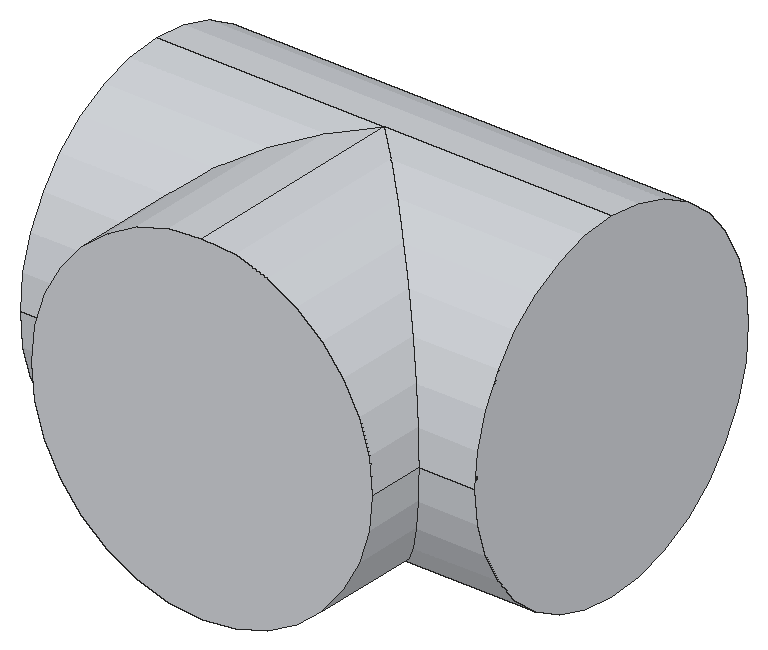
Revit family "M_Round Tee", category Duct Fittings, Revit 2014
Parameters (values of type "Standard")
  Duct Radius 3 [instance] = 150 mm
  Duct Radius 1 [instance] = 150 mm
  Duct Length 3 [instance] = Duct Radius 1 + 50 mm  # 200 mm
  Duct Length 1 [instance] = Duct Radius 3 * 2 + 100 mm  # 400 mm
  Assembly Code = ""
Reference planes
  plane 1 "Center (Front/Back)": y = 0
  plane 2: z = 0
  plane 3 "Center (Left/Right)": x = 0
  plane 4: x = -200
  plane 5: x = 200
  plane 6: y = -200
Forms (mm)
  Sweep 1, solid, detail levels medium+fine
    path in 3D
      loop
        line (-200, 0, 0) -> (200, 0, 0)
    profile "M_Duct - Round : Duct - Round Main" origin (0, 0, 0) x (0, 1, 0) y (0, 0, 1)
      loop
        arc (-150, 0) -> (-106.066, -106.066) -> (0, -150) r 150
        arc (0, -150) -> (106.066, -106.066) -> (150, 0) r 150
        arc (150, 0) -> (106.066, 106.066) -> (0, 150) r 150
        arc (0, 150) -> (-106.066, 106.066) -> (-150, 0) r 150
  Sweep 2, solid, detail levels medium+fine
    path in 3D
      loop
        line (0, 0, 0) -> (0, -200, 0)
    profile "M_Duct - Round : Duct - Round Branch" origin (0, -100, 0) x (1, 0, 0) y (0, 0, 1)
      loop
        arc (-150, 0) -> (-106.066, -106.066) -> (0, -150) r 150
        arc (0, -150) -> (106.066, -106.066) -> (150, 0) r 150
        arc (150, 0) -> (106.066, 106.066) -> (0, 150) r 150
        arc (0, 150) -> (-106.066, 106.066) -> (-150, 0) r 150
Cuts and joins
  joined: Sweep 1, Sweep 2
Lines and regions (mm)
  reference lines
    curve 1: line (-200, 0, 0) -> (200, 0, 0)
    curve 2: line (0, 0, 0) -> (0, -200, 0)
  sketch lines
    curve 3: line (-200, 0, 0) -> (200, 0, 0)
    curve 4: line (0, 0, 0) -> (0, -200, 0)
  model lines, style "DuctFitting", detail levels coarse
    curve 5: line (-200, 0, 0) -> (200, 0, 0)
    curve 6: line (0, 0, 0) -> (0, -200, 0)
Dimensions and locks
  equal spacing: plane 4, plane 3 "Center (Left/Right)", plane 5
  "Duct Length 1": plane 4 to plane 5
  "Duct Length 3": plane 6 to plane 1 "Center (Front/Back)"
  aligned and locked: plane 1 "Center (Front/Back)" to curve 1
  aligned and locked: plane 5 to curve 1
  aligned and locked: plane 4 to curve 1
  aligned and locked: curve 2 to plane 3 "Center (Left/Right)"
  aligned and locked: plane 6 to curve 2
  aligned and locked: plane 1 "Center (Front/Back)" to curve 2
  aligned and locked: curve 5 to curve 1
  aligned and locked: curve 6 to curve 2
  aligned and locked: plane 4 to curve 5
  aligned and locked: plane 5 to curve 5
  aligned and locked: plane 6 to curve 6
  aligned and locked: plane 1 "Center (Front/Back)" to curve 6
Connectors
  hvac at (-200, 0, 0), driven by "Duct Radius 1"
    settings: on cut or joined group of Sweep 1, Sweep 2, index 1, duct flow 0.0 L/s, flow factor 0, pres drop 0.0 Pa, loss coef 0, conn angle 0.00°, conn width 304.8 mm, conn height 304.8 mm, conn diameter 300 mm, duct sys type 28, conn prof type 0, flow config 0, flow direction 0, loss method 0, conn ref index 2, conn util no, is conn primary yes, conn desc ""
  hvac at (200, 0, 0), driven by "Duct Radius 1"
    settings: on cut or joined group of Sweep 1, Sweep 2, index 2, duct flow 0.0 L/s, flow factor 0, pres drop 0.0 Pa, loss coef 0, conn angle 0.00°, conn width 304.8 mm, conn height 304.8 mm, conn diameter 300 mm, duct sys type 28, conn prof type 0, flow config 0, flow direction 0, loss method 0, conn ref index 1, conn util no, is conn primary no, conn desc ""
  hvac at (0, -200, 0), driven by "Duct Radius 3"
    settings: on cut or joined group of Sweep 1, Sweep 2, index 3, duct flow 0.0 L/s, flow factor 0, pres drop 0.0 Pa, loss coef 0, conn angle 0.00°, conn width 304.8 mm, conn height 304.8 mm, conn diameter 300 mm, duct sys type 28, conn prof type 0, flow config 0, flow direction 0, loss method 0, conn ref index -1, conn util no, is conn primary no, conn desc ""
